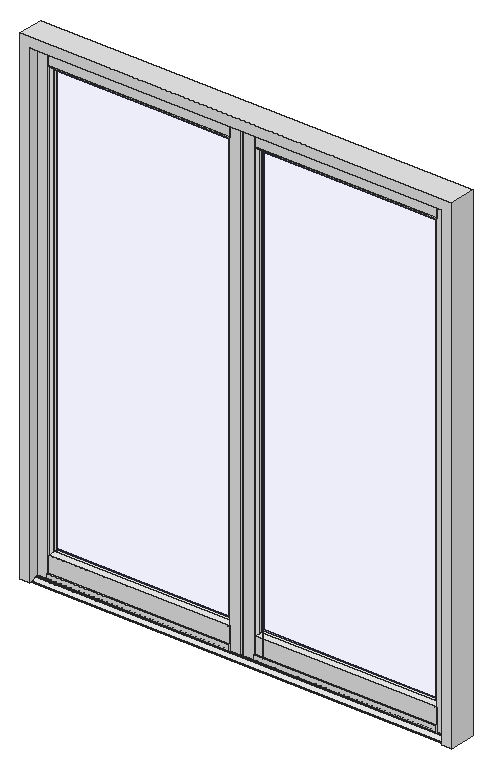
Revit family "kawneer-190-pr-ctr-01_16342", category Doors, host Wall, Revit 2015
Parameters (values of type "(2)3' x 7' B.R. 3 7/8"")
  URL = "http://www.kawneer.com/kawneer/north_america/en/product.asp?cat_id=1339&prod_id=1816"
  Type Comments = "CENTER HUNG"
  Thickness = 0' - 1 3/4"
  Rough Width = Width + 0' 4"  # 3' - 4"
  Rough Height = Height + 0' 2"  # 7' - 2"
  Product data url = "https://bimobject.com/kawneerna/product/16342"
  Operation = ""
  Opening Width = Width * 2  # 6' - 0"
  Model = "Pair 190 Narrow Stile Door Center Set B.R. 3 7/8\""
  Manufacturer = "Kawneer"
  Height = 7' - 0"
  Wall Closure = By host
  Width = 3' - 0"
  Function = Interior
  Door Panel = Kawneer - Fluropon_Bone White-391X035
  Door Glazing = Glass
  Door Frame = Kawneer - Fluropon_Bone White-391X035
  Description = "The 190 Narrow Stile Entrance is enginResults in a slim look that meets virtually all construction requirements\r\neered for moderate traffic in applications such as stores, offices and apartment buildings. Vertical stile measures 2-1/8\" (54); top rail 2-1/4\" (57.2) and bottom rail 3-7/8\" (98.4).  "
  Bottom Rail Height = 0' - 3 7/8"
  Assembly Code = "B2030110"
Types (2): name | Model | Bottom Rail Height
  (2)3' x 7' B.R. 3 7/8" | "Pair 190 Narrow Stile Door Center Set B.R. 3 7/8\"" | 0' - 3 7/8"
  (2)3' x 7' B.R. 7 1/2" | "Pair 190 Narrow Stile Door Center Set B.R. 7 1/2\"" | 0' - 7 1/2"
Reference planes (in)
  plane 1: y = 0
  plane 2 "Center": x = 0
  plane 3 "Left": x = -36
  plane 4 "Right": x = 36
  plane 5 "Top": z = 84
  plane 6 "Glass center": y = 0.125
  plane 7: z = 4.5625
  plane 8: z = 0.6875
  plane 9: z = 84
  plane 10: x = -36.25
  plane 11: x = 34.125
  plane 12: x = -34.125
Forms (in)
  Sweep 1, solid, material "Kawneer - Fluropon_Bone White-391X035" <- "Door Frame"
    path origin (-60, 3, 0) x (-1, 0, 0) y (0, 0, 1)
      loop
        line (-96, 0) -> (-96, 84) -> (-24, 84) -> (-24, 0)
    profile origin (0, 0, 42) x (1, 0, 0) y (0, 1, 0)
      loop
        line (38, 2.25) -> (36.25, 2.25) -> (36.25, -2.25) -> (38, -2.25) -> (38, 2.25)
  Extrusion 2, solid, material "Glass" <- "Door Glazing"
    sketch origin (0, 0.125, 0) x (1, 0, 0) y (0, 0, 1)
      loop
        line (33.9375, 4.75) -> (33.9375, 81.4375) -> (2.38178, 81.4375) -> (2.38178, 4.75) -> (33.9375, 4.75)
    from 0 to 0.25
  Extrusion 3, solid, material "Kawneer - Fluropon_Bone White-391X035" <- "Door Panel"
    sketch origin (0, -1.625, 0.15278) x (0, 1, 0) y (0, 0, 1)
      loop
        line (2.5, 0.53472) -> (2.5, 4.40972) -> (2.43512, 4.40972) -> (2.0085, 4.94203) -> (1.94736, 4.94203)
        arc (1.94736, 4.94203) -> (1.82437, 5.0178) -> (1.75, 5.14163) r 0.30526
        line (1.75, 5.14163) -> (1.75, 4.59722) -> (1.5, 4.59722) -> (1.5, 5.14163)
        arc (1.5, 5.14163) -> (1.42562, 5.0178) -> (1.30264, 4.94203) r 0.30526
        line (1.30264, 4.94203) -> (1.2675, 4.94203) -> (0.82596, 4.40972) -> (0.75, 4.40972) -> (0.75, 1.5921) -> (0.51155, 1.52781) -> (0.51155, 0.64322) -> (0.59155, 0.64322) -> (0.71055, 0.41022)
        arc (0.71055, 0.41022) -> (0.74752, 0.3939) -> (0.76384, 0.43087) r 0.02858
        line (0.76384, 0.43087) -> (0.68155, 0.64322) -> (0.75, 0.64322) -> (0.75, 0.53472) -> (0.888, 0.53472) -> (0.888, 1.25347) -> (2.388, 1.25347) -> (2.388, 0.53472) -> (2.5, 0.53472)
      loop
        line (0.901, 1.37847) -> (2.375, 1.37847) -> (2.375, 3.91072)
        arc (2.375, 3.91072) -> (2.25594, 3.92859) -> (2.201, 4.03572) r 0.1319
        line (2.201, 4.03572) -> (2.201, 4.22222) -> (1.075, 4.22222) -> (1.075, 4.03572)
        arc (1.075, 4.03572) -> (1.02006, 3.92859) -> (0.901, 3.91072) r 0.1319
        line (0.901, 3.91072) -> (0.901, 1.37847)
    from 2.19428 to 34.125
  Extrusion 4, solid, material "Kawneer - Fluropon_Bone White-391X035" <- "Door Frame", detail levels medium+fine
    sketch origin (0, -1.625, 0) x (0, 1, 0) y (0, 0, 1)
      loop
        line (2.40824, 0.342) -> (2.82032, 0.342) -> (3.31016, 0.1166)
        arc (3.31016, 0.1166) -> (3.33645, 0.09372) -> (3.34624, 0.06027) r 0.062
        line (3.34624, 0.06027) -> (3.34624, 0) -> (3.62824, 0) -> (3.62824, 0.10205)
        arc (3.62824, 0.10205) -> (3.62318, 0.11931) -> (3.60962, 0.13112) r 0.032
        line (3.60962, 0.13112) -> (2.80798, 0.5) -> (2.67111, 0.5)
        arc (2.67111, 0.5) -> (2.63911, 0.468) -> (2.60711, 0.5) r 0.032
        line (2.60711, 0.5) -> (2.45311, 0.5)
        arc (2.45311, 0.5) -> (2.42111, 0.468) -> (2.38911, 0.5) r 0.032
        line (2.38911, 0.5) -> (2.25324, 0.5) -> (2.25324, 0.45) -> (1.00324, 0.45) -> (1.00324, 0.5) -> (0.86737, 0.5)
        arc (0.86737, 0.5) -> (0.83537, 0.468) -> (0.80337, 0.5) r 0.032
        line (0.80337, 0.5) -> (0.64937, 0.5)
        arc (0.64937, 0.5) -> (0.61737, 0.468) -> (0.58537, 0.5) r 0.032
        line (0.58537, 0.5) -> (0.4485, 0.5) -> (-0.35314, 0.13112)
        arc (-0.35314, 0.13112) -> (-0.36671, 0.11931) -> (-0.37176, 0.10205) r 0.032
        line (-0.37176, 0.10205) -> (-0.37176, 0) -> (-0.08976, 0) -> (-0.08976, 0.06027)
        arc (-0.08976, 0.06027) -> (-0.07997, 0.09372) -> (-0.05368, 0.1166) r 0.062
        line (-0.05368, 0.1166) -> (0.43616, 0.342) -> (0.84724, 0.342) -> (0.84724, 0.28492) -> (2.40824, 0.28492) -> (2.40824, 0.342)
    from -36.25 to 36.25
  Extrusion 5, solid, material "Kawneer - Fluropon_Bone White-391X035" <- "Door Panel"
    sketch origin (0, 0, 0) x (1, 0, 0) y (0, 1, 0)
      loop
        arc (0.22766, 0.875) -> (0.12658, 0.56805) -> (0.06928, 0.25) r 2.3125
        line (0.06928, 0.25) -> (0.25578, 0.25)
        arc (0.25578, 0.25) -> (0.31928, 0.312) -> (0.38178, 0.249) r 0.063
        line (0.38178, 0.249) -> (0.38178, -0.249)
        arc (0.38178, -0.249) -> (0.31928, -0.312) -> (0.25578, -0.25) r 0.063
        line (0.25578, -0.25) -> (0.06928, -0.25)
        arc (0.06928, -0.25) -> (0.12658, -0.56805) -> (0.22765, -0.875) r 2.3125
        line (0.22765, -0.875) -> (2.19428, -0.875) -> (2.19428, -0.81012) -> (2.72428, -0.3705) -> (2.72428, -0.30936)
        arc (2.72428, -0.30936) -> (2.78739, -0.19967) -> (2.88956, -0.125) r 0.30526
        line (2.88956, -0.125) -> (2.38178, -0.125) -> (2.38178, 0.125) -> (2.88956, 0.125)
        arc (2.88956, 0.125) -> (2.78739, 0.19967) -> (2.72428, 0.30936) r 0.30526
        line (2.72428, 0.30936) -> (2.72428, 0.3705) -> (2.19428, 0.81012) -> (2.19428, 0.875) -> (0.22766, 0.875)
    from 0.6875 to 84
  Extrusion 6, solid, material "Glass" <- "Door Glazing"
    sketch origin (0, 0.125, 0) x (-1, 0, 0) y (0, 0, -1)
      loop
        line (33.9375, -4.75) -> (2.38178, -4.75) -> (2.38178, -81.4375) -> (33.9375, -81.4375) -> (33.9375, -4.75)
    from 0 to 0.25
  Extrusion 7, solid, material "Kawneer - Fluropon_Bone White-391X035" <- "Door Panel"
    sketch origin (0, -1.625, 0.15278) x (0, 1, 0) y (0, 0, -1)
      loop
        line (2.5, -0.53472) -> (2.388, -0.53472) -> (2.388, -1.25347) -> (0.888, -1.25347) -> (0.888, -0.53472) -> (0.75, -0.53472) -> (0.75, -0.64322) -> (0.68155, -0.64322) -> (0.76384, -0.43087)
        arc (0.76384, -0.43087) -> (0.74752, -0.3939) -> (0.71055, -0.41022) r 0.02858
        line (0.71055, -0.41022) -> (0.59155, -0.64322) -> (0.51155, -0.64322) -> (0.51155, -1.52781) -> (0.75, -1.5921) -> (0.75, -4.40972) -> (0.82596, -4.40972) -> (1.2675, -4.94203) -> (1.30264, -4.94203)
        arc (1.30264, -4.94203) -> (1.42562, -5.0178) -> (1.5, -5.14163) r 0.30526
        line (1.5, -5.14163) -> (1.5, -4.59722) -> (1.75, -4.59722) -> (1.75, -5.14163)
        arc (1.75, -5.14163) -> (1.82437, -5.0178) -> (1.94736, -4.94203) r 0.30526
        line (1.94736, -4.94203) -> (2.0085, -4.94203) -> (2.43512, -4.40972) -> (2.5, -4.40972) -> (2.5, -0.53472)
      loop
        line (0.901, -1.37847) -> (0.901, -3.91072)
        arc (0.901, -3.91072) -> (1.02006, -3.92859) -> (1.075, -4.03572) r 0.1319
        line (1.075, -4.03572) -> (1.075, -4.22222) -> (2.201, -4.22222) -> (2.201, -4.03572)
        arc (2.201, -4.03572) -> (2.25594, -3.92859) -> (2.375, -3.91072) r 0.1319
        line (2.375, -3.91072) -> (2.375, -1.37847) -> (0.901, -1.37847)
    from 2.19428 to 34.125
  Extrusion 8, solid, material "Kawneer - Fluropon_Bone White-391X035" <- "Door Panel"
    sketch origin (0, 0, 0) x (-1, 0, 0) y (0, -1, 0)
      loop
        line (0.22766, -0.875) -> (2.19428, -0.875) -> (2.19428, -0.81012) -> (2.72428, -0.3705) -> (2.72428, -0.30936)
        arc (2.72428, -0.30936) -> (2.78739, -0.19967) -> (2.88956, -0.125) r 0.30526
        line (2.88956, -0.125) -> (2.38178, -0.125) -> (2.38178, 0.125) -> (2.88956, 0.125)
        arc (2.88956, 0.125) -> (2.78739, 0.19967) -> (2.72428, 0.30936) r 0.30526
        line (2.72428, 0.30936) -> (2.72428, 0.3705) -> (2.19428, 0.81012) -> (2.19428, 0.875) -> (0.22765, 0.875)
        arc (0.22765, 0.875) -> (0.12658, 0.56805) -> (0.06928, 0.25) r 2.3125
        line (0.06928, 0.25) -> (0.25578, 0.25)
        arc (0.25578, 0.25) -> (0.31928, 0.312) -> (0.38178, 0.249) r 0.063
        line (0.38178, 0.249) -> (0.38178, -0.249)
        arc (0.38178, -0.249) -> (0.31928, -0.312) -> (0.25578, -0.25) r 0.063
        line (0.25578, -0.25) -> (0.06928, -0.25)
        arc (0.06928, -0.25) -> (0.12658, -0.56805) -> (0.22766, -0.875) r 2.3125
    from 0.6875 to 84
  Extrusion 9, solid, material "Kawneer - Fluropon_Bone White-391X035" <- "Door Panel"
    sketch origin (0, -0.125, 23.875) x (0, 1, 0) y (0, 0, 1)
      loop
        line (-0.75, 60.125) -> (-0.75, 57.625) -> (-0.68484, 57.625) -> (-0.24521, 57.095) -> (-0.15138, 57.095) -> (0, 56.96232) -> (0, 57.4375) -> (0.24999, 57.4375) -> (0.24999, 56.94982) -> (0.40117, 57.095) -> (0.49715, 57.095) -> (0.93677, 57.625) -> (1, 57.625) -> (1, 60.125) -> (0.93512, 60.125) -> (0.93512, 59.25) -> (-0.68512, 59.25) -> (-0.68512, 60.125) -> (-0.75, 60.125)
    from 2.19428 to 34.125
  Extrusion 10, solid, material "Kawneer - Fluropon_Bone White-391X035" <- "Door Panel"
    sketch origin (0, -0.125, 23.875) x (0, 1, 0) y (0, 0, -1)
      loop
        line (-0.75, -60.125) -> (-0.68512, -60.125) -> (-0.68512, -59.25) -> (0.93512, -59.25) -> (0.93512, -60.125) -> (1, -60.125) -> (1, -57.625) -> (0.93677, -57.625) -> (0.49715, -57.095) -> (0.40117, -57.095) -> (0.24999, -56.94982) -> (0.24999, -57.4375) -> (0, -57.4375) -> (0, -56.96232) -> (-0.15138, -57.095) -> (-0.24521, -57.095) -> (-0.68484, -57.625) -> (-0.75, -57.625) -> (-0.75, -60.125)
    from 2.19428 to 34.125
  Extrusion 11, solid, material "Kawneer - Fluropon_Bone White-391X035" <- "Door Panel"
    sketch origin (-36.22553, 0, 0) x (1, 0, 0) y (0, 1, 0)
      loop
        arc (0.22766, 0.875) -> (0.12658, 0.56805) -> (0.06928, 0.25) r 2.3125
        line (0.06928, 0.25) -> (0.25578, 0.25)
        arc (0.25578, 0.25) -> (0.31928, 0.312) -> (0.38178, 0.249) r 0.063
        line (0.38178, 0.249) -> (0.38178, -0.249)
        arc (0.38178, -0.249) -> (0.31928, -0.312) -> (0.25578, -0.25) r 0.063
        line (0.25578, -0.25) -> (0.06928, -0.25)
        arc (0.06928, -0.25) -> (0.12658, -0.56805) -> (0.22765, -0.875) r 2.3125
        line (0.22765, -0.875) -> (2.10053, -0.875) -> (2.10053, -0.81012) -> (2.63053, -0.3705) -> (2.63053, -0.30936)
        arc (2.63053, -0.30936) -> (2.69364, -0.19967) -> (2.79581, -0.125) r 0.30526
        line (2.79581, -0.125) -> (2.28803, -0.125) -> (2.28803, 0.125) -> (2.79581, 0.125)
        arc (2.79581, 0.125) -> (2.69364, 0.19967) -> (2.63053, 0.30936) r 0.30526
        line (2.63053, 0.30936) -> (2.63053, 0.3705) -> (2.10053, 0.81012) -> (2.10053, 0.875) -> (0.22766, 0.875)
    from 0.6875 to 84
  Extrusion 12, solid, material "Kawneer - Fluropon_Bone White-391X035" <- "Door Panel"
    sketch origin (48.22553, 0, 0) x (-1, 0, 0) y (0, -1, 0)
      loop
        line (12.22766, -0.875) -> (14.10053, -0.875) -> (14.10053, -0.81012) -> (14.63053, -0.3705) -> (14.63053, -0.30936)
        arc (14.63053, -0.30936) -> (14.69364, -0.19967) -> (14.79581, -0.125) r 0.30526
        line (14.79581, -0.125) -> (14.28803, -0.125) -> (14.28803, 0.125) -> (14.79581, 0.125)
        arc (14.79581, 0.125) -> (14.69364, 0.19967) -> (14.63053, 0.30936) r 0.30526
        line (14.63053, 0.30936) -> (14.63053, 0.3705) -> (14.10053, 0.81012) -> (14.10053, 0.875) -> (12.22765, 0.875)
        arc (12.22765, 0.875) -> (12.12658, 0.56805) -> (12.06928, 0.25) r 2.3125
        line (12.06928, 0.25) -> (12.25578, 0.25)
        arc (12.25578, 0.25) -> (12.31928, 0.312) -> (12.38178, 0.249) r 0.063
        line (12.38178, 0.249) -> (12.38178, -0.249)
        arc (12.38178, -0.249) -> (12.31928, -0.312) -> (12.25578, -0.25) r 0.063
        line (12.25578, -0.25) -> (12.06928, -0.25)
        arc (12.06928, -0.25) -> (12.12658, -0.56805) -> (12.22766, -0.875) r 2.3125
    from 0.6875 to 84
Lines and regions (in)
  Opening 1
    outline origin (-90, -3, 0) x (1, 0, 0) y (0, 0, 1)
      loop
        line (52, 0) -> (128, 0) -> (128, 86) -> (52, 86) -> (52, 0)
  symbolic lines, style "Elevation Swing"
    curve 1: line (-0.38178, 3, 0.6875) -> (-36, 3, 42)
    curve 2: line (-36, 3, 42) -> (-0.22766, 3, 84.125)
    curve 10: line (0.38178, 3, 0.6875) -> (36, 3, 42)
    curve 11: line (36, 3, 42) -> (0.22766, 3, 84.125)
  symbolic lines
    curve 3: line (-36, 1, 0) -> (-34.25, 1, 0)
    curve 4: line (-36, 38.25, 0) -> (-36, 1, 0)
    curve 5: line (-34.25, 38.25, 0) -> (-36, 38.25, 0)
    curve 6: line (-34.25, 1, 0) -> (-34.25, 38.25, 0)
    curve 7: arc (-36, 38.25, 0) -> (-10.54416, 27.70584, 0) -> (0, 2.25, 0) r 36
    curve 12: line (36, 1, 0) -> (34.25, 1, 0)
    curve 13: line (36, 38.25, 0) -> (36, 1, 0)
    curve 14: line (34.25, 38.25, 0) -> (36, 38.25, 0)
    curve 15: line (34.25, 1, 0) -> (34.25, 38.25, 0)
    curve 16: arc (36, 38.25, 0) -> (10.54416, 27.70584, 0) -> (0, 2.25, 0) r 36
  model lines
    curve 8: line (0.06928, -1.19557, 0) -> (-0.06928, -1.19557, 0)
    curve 9: line (-0.06928, -1.19557, 0) -> (0.06928, -1.19557, 0)
Text (in)
  text "Exterior" at (-58.67754, 27.31104, 0), in view "Floor Line"
  text "Interior" at (-58.34764, -25.14366, 0), in view "Floor Line"
  text "Exterior" at (0, 40.15149, 123.01588), in view "Right"
  text "Interior" at (0, -64.39139, 123.01588), in view "Right"
  text "Interior" at (0, -31.01599, 123.00693), in view "Left"
  text "Exterior" at (0, 54.57065, 123.00693), in view "Left"
Dimensions and locks (in)
  equal spacing: plane 3 "Left", plane 2 "Center", plane 4 "Right"
  "Height": level to plane 5 "Top"
  "Opening Width": plane 3 "Left" to plane 4 "Right"
  equal spacing: host wall, curve 2, plane 5 "Top"
  locked: plane 4 "Right" to Opening 1 sketch curve at 2
  locked: Opening 1 sketch curve to plane 3 "Left" at 2
  locked: plane 5 "Top" to Opening 1 sketch curve at 2
  locked: Sweep 1 sketch curve to Sweep 1 sketch curve at 4.5
  locked: profile plane to Sweep 1 sketch curve at 2
  "Width": curve 5 to Sweep 1
  "Thickness": plane 3 "Left" to curve 6
  locked: Sweep 1 to Sweep 1 at 1.75  (x2)
  locked: plane 8 to level at 0.6875
  "Bottom Rail Height": plane 7 to plane 8
  equal spacing: Sweep 1 sketch curve, host wall, Sweep 1 sketch curve
  locked: Extrusion 9 sketch curve to Extrusion 9 sketch curve at 1.75
  Extrusion 9 sketch curve to Extrusion 9 sketch curve to Extrusion 9 sketch curve = 0' - 2 1/2" locked, 0' - 0.66269" locked
  locked: Extrusion 10 sketch curve to Extrusion 10 sketch curve at 1.75
  Extrusion 10 sketch curve to Extrusion 10 sketch curve to Extrusion 10 sketch curve = 0' - 0.66269" locked, 0' - 2 1/2" locked
  plane 9 to Sweep 1 = 0' - 0 1/4"
  locked: Extrusion 12 sketch curve to plane 4 "Right" at 1.875
  locked: plane 12 to Extrusion 11 at 0.1875
  locked: plane 3 "Left" to plane 12 at 1.875
  locked: plane 11 to plane 4 "Right" at 1.875
  aligned and locked: Opening 1 sketch curve to level
  aligned and locked: plane 3 "Left" to curve 1
  aligned and locked: plane 4 "Right" to Sweep 1 sketch curve
  aligned and locked: Sweep 1 sketch curve to plane 3 "Left"
  aligned and locked: plane 5 "Top" to Sweep 1 sketch curve
  aligned and locked: plane 7 to Extrusion 3 sketch curve  (x2)
  aligned and locked: Extrusion 2 to Extrusion 3
  aligned and locked: plane 8 to Extrusion 3
  aligned and locked: Extrusion 4 to Sweep 1  (x2)
  aligned and locked: Extrusion 2 to Extrusion 5
  aligned and locked: Extrusion 5 to plane 8
  aligned and locked: Extrusion 3 to Extrusion 5
  aligned and locked: Extrusion 7 to Extrusion 6
  aligned and locked: Extrusion 8 to Extrusion 6
  aligned and locked: Extrusion 8 to Extrusion 7
  aligned and locked: curve 2 to Extrusion 8
  aligned and locked: Extrusion 8 to curve 1
  aligned and locked: Extrusion 9 sketch curve to Extrusion 9 sketch curve  (x2)
  aligned and locked: Extrusion 5 to plane 9
  aligned and locked: Extrusion 8 to plane 9
  aligned and locked: Extrusion 9 to plane 9
  aligned and locked: Extrusion 10 sketch curve to Extrusion 10 sketch curve  (x2)
  aligned and locked: Extrusion 10 to plane 9
  aligned and locked: plane 9 to plane 5 "Top"
  aligned and locked: Extrusion 3 to Extrusion 12
  aligned and locked: Extrusion 9 to Extrusion 12
  aligned and locked: Extrusion 2 to Extrusion 12
  aligned and locked: plane 11 to Extrusion 12
  aligned and locked: plane 12 to Extrusion 11
  aligned and locked: Extrusion 7 to plane 12
  aligned and locked: Extrusion 12 to plane 9
  aligned and locked: Extrusion 11 to plane 9
  aligned and locked: Extrusion 10 to Extrusion 11
Automatic sketch dimensions
  curve 3 to plane 3 "Left" = 0' - 0"
  curve 7 to plane 2 "Center" = 0' - 0"
  curve 3 to plane 6 "Glass center" = 0' - 0 7/8"
  curve 1 to plane 8 = 0' - 0"
  curve 2 to plane 5 "Top" = 0' - 0 1/8"
  Sweep 1 sketch curve to level = 0' - 0"  (x2)
  Sweep 1 sketch curve to profile plane = 0' - 0 1/4"
  plane 7 to Extrusion 2 sketch curve = 0' - 0 3/16"
  plane 2 "Center" to Extrusion 2 sketch curve = 0' - 2.38178"
  plane 4 "Right" to Extrusion 2 sketch curve = 0' - 2 1/16"
  plane 5 "Top" to Extrusion 2 sketch curve = 0' - 2 9/16"
  Extrusion 3 sketch curve to plane 8 = 0' - 0"  (x2)
  Extrusion 3 sketch curve to plane 6 "Glass center" = 0' - 0"
  host wall to Extrusion 3 sketch curve = 0' - 0 1/8"
  Extrusion 3 sketch curve to Extrusion 3 sketch curve = 0' - 0.19736"
  Extrusion 3 sketch curve to Extrusion 3 sketch curve = 0' - 0 9/256"
  Extrusion 3 sketch curve to Extrusion 3 sketch curve = 0' - 0.05894"
  host wall to Extrusion 3 sketch curve = 0' - 0.55"
  Extrusion 3 sketch curve to Extrusion 3 sketch curve = 0' - 0.1319"  (x2)
  Extrusion 3 sketch curve to Extrusion 3 sketch curve = 0' - 0.0421"  (x2)
  Extrusion 3 sketch curve to Extrusion 3 sketch curve = 0' - 0.013"
  Extrusion 3 sketch curve to Extrusion 3 sketch curve = 0' - 0.24904"
  Extrusion 3 sketch curve to plane 8 = 0' - 0.10384"
  Extrusion 3 sketch curve to Extrusion 3 sketch curve = 0' - 0.12416"
  Extrusion 3 sketch curve to Extrusion 3 sketch curve = 0' - 0.01384"
  Extrusion 3 sketch curve to Extrusion 3 sketch curve = 0' - 0.07596"
  Extrusion 3 sketch curve to Extrusion 3 sketch curve = 0' - 0.02665"  (x2)
  Extrusion 3 sketch curve to plane 8 = 0' - 0.1245"
  Extrusion 3 sketch curve to Extrusion 3 sketch curve = 0' - 0.06845"
  plane 8 to Extrusion 3 sketch curve = 0' - 0.1085"
  Extrusion 3 sketch curve to Extrusion 3 sketch curve = 0' - 0.09"
  Extrusion 3 sketch curve to Extrusion 3 sketch curve = 0' - 0.23845"
  Extrusion 3 sketch curve to plane 6 "Glass center" = 0' - 0.19736"
  Extrusion 3 sketch curve to Extrusion 3 sketch curve = 0' - 0.06114"
  Extrusion 3 sketch curve to plane 6 "Glass center" = 0' - 0.29144"
  Extrusion 3 sketch curve to plane 6 "Glass center" = 0' - 0.451"
  Extrusion 3 sketch curve to plane 6 "Glass center" = 0' - 0.638"
  Extrusion 3 sketch curve to Extrusion 3 sketch curve = 0' - 0.23412"
  Extrusion 3 sketch curve to Extrusion 3 sketch curve = 0' - 0.06488"
  Extrusion 3 sketch curve to Extrusion 3 sketch curve = 0' - 0"  (x2)
  plane 8 to Extrusion 3 sketch curve = 0' - 0 23/32"
  Extrusion 3 sketch curve to Extrusion 3 sketch curve = 0' - 0 1/8"
  Extrusion 3 sketch curve to Extrusion 3 sketch curve = 0' - 0.14935"
  Extrusion 3 sketch curve to Extrusion 3 sketch curve = 0' - 0.06429"
  Extrusion 3 sketch curve to plane 7 = 0' - 0.499"  (x2)
  Extrusion 3 sketch curve to Extrusion 3 sketch curve = 0' - 0.1865"
  plane 7 to Extrusion 3 sketch curve = 0' - 0 3/16"
  Extrusion 3 sketch curve to Extrusion 3 sketch curve = 0' - 0.34482"  (x2)
  Extrusion 3 sketch curve to Extrusion 3 sketch curve = 0' - 0.1996"
  Extrusion 4 sketch curve to level = 0' - 0"  (x2)
  level to Extrusion 4 sketch curve = 0' - 0.10205"  (x2)
  Extrusion 4 sketch curve to host wall = 0' - 1.00324"
  level to Extrusion 4 sketch curve = 0' - 0.13112"
  Extrusion 4 sketch curve to Extrusion 4 sketch curve = 0' - 0.01862"
  level to Extrusion 4 sketch curve = 0' - 0.06027"  (x2)
  Extrusion 4 sketch curve to Extrusion 4 sketch curve = 0' - 0 1/4"  (x2)
  level to Extrusion 4 sketch curve = 0' - 0.1166"
  Extrusion 4 sketch curve to Extrusion 4 sketch curve = 0' - 0.03608"
  level to Extrusion 4 sketch curve = 0' - 0.342"  (x2)
  Extrusion 4 sketch curve to Extrusion 4 sketch curve = 0' - 0.48984"
  Extrusion 4 sketch curve to plane 8 = 0' - 0 3/16"
  Extrusion 4 sketch curve to Extrusion 4 sketch curve = 0' - 0.01233"  (x2)
  Extrusion 4 sketch curve to Extrusion 4 sketch curve = 0' - 0.13687"  (x2)
  Extrusion 4 sketch curve to Extrusion 4 sketch curve = 0' - 0.032"  (x5)
  Extrusion 4 sketch curve to Extrusion 4 sketch curve = 0' - 0.154"  (x2)
  Extrusion 4 sketch curve to Extrusion 4 sketch curve = 0' - 0.01187"
  Extrusion 4 sketch curve to Extrusion 4 sketch curve = 0' - 0.13587"  (x2)
  Extrusion 4 sketch curve to plane 8 = 0' - 0.2375"
  Extrusion 4 sketch curve to plane 6 "Glass center" = 0' - 0.50324"
  Extrusion 4 sketch curve to Extrusion 4 sketch curve = 0' - 0.01913"
  Extrusion 4 sketch curve to Extrusion 4 sketch curve = 0' - 0.46392"
  Extrusion 4 sketch curve to Extrusion 4 sketch curve = 0' - 0.02592"
  Extrusion 4 sketch curve to Extrusion 4 sketch curve = 0' - 0.062"
  Extrusion 4 sketch curve to Extrusion 4 sketch curve = 0' - 0.01338"
  Extrusion 4 sketch curve to Extrusion 4 sketch curve = 0' - 0.05708"
  Extrusion 4 sketch curve to Extrusion 4 sketch curve = 0' - 0.05"
  curve 16 to plane 2 "Center" = 0' - 0"
  curve 12 to plane 4 "Right" = 0' - 0"
  curve 9 to plane 2 "Center" = 0' - 0.06928"
  curve 8 to curve 9 = 0' - 0"  (x2)
  plane 2 "Center" to curve 9 = 0' - 0.06928"
  plane 4 "Right" to curve 12 = 0' - 1 3/4"
  host wall to curve 8 = 0' - 1.19557"
  curve 9 to curve 8 = 0' - 0"
  curve 12 to plane 6 "Glass center" = 0' - 0 7/8"
  curve 16 to host wall = 0' - 0 3/4"
  Extrusion 5 sketch curve to Extrusion 5 sketch curve = 0' - 0"  (x3)
  Extrusion 5 sketch curve to host wall = 0' - 0"
  Extrusion 5 sketch curve to plane 6 "Glass center" = 0' - 0"
  plane 2 "Center" to Extrusion 5 sketch curve = 0' - 0.06928"  (x2)
  plane 2 "Center" to Extrusion 5 sketch curve = 0' - 0.22765"
  plane 2 "Center" to Extrusion 5 sketch curve = 0' - 0.22766"
  Extrusion 5 sketch curve to Extrusion 5 sketch curve = 0' - 0.18651"  (x2)
  Extrusion 5 sketch curve to Extrusion 5 sketch curve = 0' - 0.06299"  (x2)
  Extrusion 5 sketch curve to Extrusion 5 sketch curve = 0' - 0.063"
  Extrusion 5 sketch curve to plane 6 "Glass center" = 0' - 0.68512"
  Extrusion 5 sketch curve to Extrusion 5 sketch curve = 0' - 1 13/16"
  host wall to Extrusion 5 sketch curve = 0' - 0.81012"
  Extrusion 5 sketch curve to Extrusion 5 sketch curve = 0' - 0.17395"
  Extrusion 5 sketch curve to Extrusion 5 sketch curve = 0' - 0.01355"
  Extrusion 5 sketch curve to Extrusion 5 sketch curve = 0' - 0.3425"  (x2)
  Extrusion 5 sketch curve to plane 6 "Glass center" = 0' - 0.18436"
  Extrusion 5 sketch curve to Extrusion 5 sketch curve = 0' - 0.16528"  (x2)
  host wall to Extrusion 5 sketch curve = 0' - 0 1/8"
  Extrusion 5 sketch curve to Extrusion 5 sketch curve = 0' - 0.2904"
  Extrusion 5 sketch curve to plane 6 "Glass center" = 0' - 0.27844"
  host wall to Extrusion 5 sketch curve = 0' - 0 7/8"
  Extrusion 5 sketch curve to Extrusion 5 sketch curve = 0' - 0.27844"
  Extrusion 5 sketch curve to Extrusion 5 sketch curve = 0' - 0.06114"  (x2)
  Extrusion 5 sketch curve to plane 6 "Glass center" = 0' - 0.124"
  Extrusion 6 sketch curve to plane 7 = 0' - 0 3/16"
  plane 2 "Center" to Extrusion 6 sketch curve = 0' - 2.38178"
  Extrusion 6 sketch curve to plane 5 "Top" = 0' - 2 9/16"
  Extrusion 7 sketch curve to plane 7 = 0' - 0"  (x2)
  Extrusion 7 sketch curve to plane 8 = 0' - 0"  (x2)
  Extrusion 7 sketch curve to plane 6 "Glass center" = 0' - 0"
  host wall to Extrusion 7 sketch curve = 0' - 0 1/8"
  Extrusion 7 sketch curve to Extrusion 7 sketch curve = 0' - 0.19736"
  Extrusion 7 sketch curve to Extrusion 7 sketch curve = 0' - 0 9/256"
  Extrusion 7 sketch curve to Extrusion 7 sketch curve = 0' - 0.05894"
  host wall to Extrusion 7 sketch curve = 0' - 0.55"
  Extrusion 7 sketch curve to Extrusion 7 sketch curve = 0' - 0.1319"  (x2)
  Extrusion 7 sketch curve to Extrusion 7 sketch curve = 0' - 0.0421"  (x2)
  Extrusion 7 sketch curve to Extrusion 7 sketch curve = 0' - 0.013"
  Extrusion 7 sketch curve to Extrusion 7 sketch curve = 0' - 0.24904"
  Extrusion 7 sketch curve to plane 8 = 0' - 0.10384"
  Extrusion 7 sketch curve to Extrusion 7 sketch curve = 0' - 0.12416"
  Extrusion 7 sketch curve to Extrusion 7 sketch curve = 0' - 0.01384"
  Extrusion 7 sketch curve to Extrusion 7 sketch curve = 0' - 0.07596"
  Extrusion 7 sketch curve to Extrusion 7 sketch curve = 0' - 0.02665"  (x2)
  Extrusion 7 sketch curve to plane 8 = 0' - 0.1245"
  Extrusion 7 sketch curve to Extrusion 7 sketch curve = 0' - 0.06845"
  plane 8 to Extrusion 7 sketch curve = 0' - 0.1085"  (x2)
  Extrusion 7 sketch curve to Extrusion 7 sketch curve = 0' - 0.09"
  Extrusion 7 sketch curve to Extrusion 7 sketch curve = 0' - 0.23845"
  Extrusion 7 sketch curve to plane 6 "Glass center" = 0' - 0.19736"
  Extrusion 7 sketch curve to Extrusion 7 sketch curve = 0' - 0.06114"
  Extrusion 7 sketch curve to plane 6 "Glass center" = 0' - 0.29144"
  Extrusion 7 sketch curve to plane 6 "Glass center" = 0' - 0.451"
  Extrusion 7 sketch curve to plane 6 "Glass center" = 0' - 0.638"
  Extrusion 7 sketch curve to Extrusion 7 sketch curve = 0' - 0.23412"
  Extrusion 7 sketch curve to Extrusion 7 sketch curve = 0' - 0.06488"
  plane 7 to Extrusion 7 sketch curve = 0' - 0 3/16"
  Extrusion 7 sketch curve to Extrusion 7 sketch curve = 0' - 0.34482"  (x2)
  Extrusion 7 sketch curve to Extrusion 7 sketch curve = 0' - 0.1996"
  Extrusion 7 sketch curve to Extrusion 7 sketch curve = 0' - 0"
  Extrusion 7 sketch curve to plane 7 = 0' - 0 3/16"
  Extrusion 7 sketch curve to Extrusion 7 sketch curve = 0' - 0.1865"  (x2)
  Extrusion 7 sketch curve to Extrusion 7 sketch curve = 0' - 0.94889"
  Extrusion 7 sketch curve to Extrusion 7 sketch curve = 0' - 0.06429"
  plane 8 to Extrusion 7 sketch curve = 0' - 0 27/32"
  Extrusion 7 sketch curve to Extrusion 7 sketch curve = 0' - 0 1/8"
  Extrusion 8 sketch curve to Extrusion 8 sketch curve = 0' - 0"  (x3)
  Extrusion 8 sketch curve to host wall = 0' - 0"
  Extrusion 8 sketch curve to plane 6 "Glass center" = 0' - 0"
  plane 2 "Center" to Extrusion 8 sketch curve = 0' - 0.06928"  (x2)
  plane 2 "Center" to Extrusion 8 sketch curve = 0' - 0.22765"
  plane 2 "Center" to Extrusion 8 sketch curve = 0' - 0.22766"
  Extrusion 8 sketch curve to Extrusion 8 sketch curve = 0' - 0.18651"  (x2)
  Extrusion 8 sketch curve to Extrusion 8 sketch curve = 0' - 0.06299"  (x2)
  Extrusion 8 sketch curve to Extrusion 8 sketch curve = 0' - 0.063"
  plane 6 "Glass center" to Extrusion 8 sketch curve = 0' - 0.68512"
  Extrusion 8 sketch curve to Extrusion 8 sketch curve = 0' - 1 13/16"
  Extrusion 8 sketch curve to host wall = 0' - 0.81012"
  Extrusion 8 sketch curve to Extrusion 8 sketch curve = 0' - 0.17395"
  Extrusion 8 sketch curve to Extrusion 8 sketch curve = 0' - 0.01355"
  Extrusion 8 sketch curve to Extrusion 8 sketch curve = 0' - 0.3425"  (x2)
  plane 6 "Glass center" to Extrusion 8 sketch curve = 0' - 0.18436"
  Extrusion 8 sketch curve to Extrusion 8 sketch curve = 0' - 0.16528"  (x2)
  Extrusion 8 sketch curve to host wall = 0' - 0 1/8"
  Extrusion 8 sketch curve to Extrusion 8 sketch curve = 0' - 0.2904"
  plane 6 "Glass center" to Extrusion 8 sketch curve = 0' - 0.27844"
  Extrusion 8 sketch curve to host wall = 0' - 0 7/8"
  Extrusion 8 sketch curve to Extrusion 8 sketch curve = 0' - 0.27844"
  Extrusion 8 sketch curve to Extrusion 8 sketch curve = 0' - 0.06114"  (x2)
  plane 6 "Glass center" to Extrusion 8 sketch curve = 0' - 0.124"
  curve 10 to plane 4 "Right" = 0' - 0"
  curve 10 to plane 8 = 0' - 0"
  plane 2 "Center" to curve 10 = 0' - 0.38178"
  plane 2 "Center" to curve 11 = 0' - 0.22766"
  plane 7 to curve 11 = 3' - 1 7/16"
  curve 11 to plane 5 "Top" = 0' - 0 1/8"
  Extrusion 9 sketch curve to plane 5 "Top" = 0' - 0"
  Extrusion 9 sketch curve to plane 6 "Glass center" = 0' - 0"
  host wall to Extrusion 9 sketch curve = 0' - 0 1/8"
  Extrusion 9 sketch curve to Extrusion 9 sketch curve = 0' - 0.15138"
  Extrusion 9 sketch curve to Extrusion 9 sketch curve = 0' - 0.09383"
  Extrusion 9 sketch curve to Extrusion 9 sketch curve = 0' - 0.43962"
  host wall to Extrusion 9 sketch curve = 0' - 0.81012"
  Extrusion 9 sketch curve to Extrusion 9 sketch curve = 0' - 0.06488"  (x2)
  Extrusion 9 sketch curve to plane 6 "Glass center" = 0' - 0.15117"
  Extrusion 9 sketch curve to Extrusion 9 sketch curve = 0' - 0.09598"
  Extrusion 9 sketch curve to Extrusion 9 sketch curve = 0' - 0.06323"
  Extrusion 9 sketch curve to Extrusion 9 sketch curve = 0' - 0.0125"
  Extrusion 9 sketch curve to Extrusion 9 sketch curve = 0' - 0.13269"
  Extrusion 9 sketch curve to Extrusion 9 sketch curve = 0' - 0.14518"
  Extrusion 9 sketch curve to Extrusion 9 sketch curve = 0' - 0.3425"
  plane 5 "Top" to Extrusion 9 sketch curve = 0' - 0 7/8"
  Extrusion 10 sketch curve to plane 5 "Top" = 0' - 0"
  Extrusion 10 sketch curve to plane 6 "Glass center" = 0' - 0"
  host wall to Extrusion 10 sketch curve = 0' - 0 1/8"
  Extrusion 10 sketch curve to Extrusion 10 sketch curve = 0' - 0.15138"
  Extrusion 10 sketch curve to Extrusion 10 sketch curve = 0' - 0.09383"
  Extrusion 10 sketch curve to Extrusion 10 sketch curve = 0' - 0.43962"
  host wall to Extrusion 10 sketch curve = 0' - 0.81012"
  Extrusion 10 sketch curve to Extrusion 10 sketch curve = 0' - 0.06488"  (x2)
  Extrusion 10 sketch curve to plane 6 "Glass center" = 0' - 0.15117"
  Extrusion 10 sketch curve to Extrusion 10 sketch curve = 0' - 0.09598"
  Extrusion 10 sketch curve to Extrusion 10 sketch curve = 0' - 0.06323"
  plane 5 "Top" to Extrusion 10 sketch curve = 0' - 0 7/8"
  Extrusion 10 sketch curve to Extrusion 10 sketch curve = 0' - 0.47519"
  Extrusion 10 sketch curve to Extrusion 10 sketch curve = 0' - 0.13269"
  Extrusion 10 sketch curve to Extrusion 10 sketch curve = 0' - 0.3425"
  Extrusion 10 sketch curve to Extrusion 10 sketch curve = 0' - 0.14518"
  Extrusion 11 sketch curve to Extrusion 11 sketch curve = 0' - 0"  (x4)
  Extrusion 11 sketch curve to plane 6 "Glass center" = 0' - 0"
  Extrusion 11 sketch curve to host wall = 0' - 0"
  Extrusion 11 sketch curve to plane 3 "Left" = 0' - 0 5/32"
  Extrusion 11 sketch curve to Extrusion 11 sketch curve = 0' - 0.063"  (x2)
  Extrusion 11 sketch curve to plane 3 "Left" = 0' - 0.03025"  (x2)
  Extrusion 11 sketch curve to plane 3 "Left" = 0' - 0.00213"
  Extrusion 11 sketch curve to plane 3 "Left" = 0' - 0.00212"
  Extrusion 11 sketch curve to Extrusion 11 sketch curve = 0' - 0.08019"
  Extrusion 11 sketch curve to Extrusion 11 sketch curve = 0' - 0.3425"  (x2)
  Extrusion 11 sketch curve to Extrusion 11 sketch curve = 0' - 0.16528"  (x2)
  host wall to Extrusion 11 sketch curve = 0' - 0 1/8"
  Extrusion 11 sketch curve to Extrusion 11 sketch curve = 0' - 0.2904"  (x2)
  host wall to Extrusion 11 sketch curve = 0' - 0.249"
  Extrusion 11 sketch curve to Extrusion 11 sketch curve = 0' - 0.18436"  (x2)
  Extrusion 11 sketch curve to Extrusion 11 sketch curve = 0' - 0.06114"  (x2)
  Extrusion 11 sketch curve to Extrusion 11 sketch curve = 0' - 0.06488"  (x2)
  Extrusion 11 sketch curve to plane 6 "Glass center" = 0' - 0.124"
  Extrusion 12 sketch curve to Extrusion 12 sketch curve = 0' - 0"  (x3)
  Extrusion 12 sketch curve to plane 6 "Glass center" = 0' - 0"
  Extrusion 12 sketch curve to host wall = 0' - 0"
  plane 4 "Right" to Extrusion 12 sketch curve = 0' - 0 5/32"  (x2)
  Extrusion 12 sketch curve to plane 4 "Right" = 0' - 0.00212"
  Extrusion 12 sketch curve to plane 4 "Right" = 0' - 0.00213"
  Extrusion 12 sketch curve to plane 4 "Right" = 0' - 0.03025"  (x2)
  Extrusion 12 sketch curve to Extrusion 12 sketch curve = 0' - 0.06299"  (x2)
  Extrusion 12 sketch curve to Extrusion 12 sketch curve = 0' - 0.063"
  plane 6 "Glass center" to Extrusion 12 sketch curve = 0' - 0.68512"
  Extrusion 12 sketch curve to Extrusion 12 sketch curve = 0' - 0 3/16"
  Extrusion 12 sketch curve to Extrusion 12 sketch curve = 0' - 0.08019"
  Extrusion 12 sketch curve to host wall = 0' - 0.3705"
  Extrusion 12 sketch curve to Extrusion 12 sketch curve = 0' - 0.3425"  (x2)
  plane 6 "Glass center" to Extrusion 12 sketch curve = 0' - 0.2455"
  Extrusion 12 sketch curve to Extrusion 12 sketch curve = 0' - 0.16528"  (x2)
  Extrusion 12 sketch curve to host wall = 0' - 0 1/8"
  Extrusion 12 sketch curve to Extrusion 12 sketch curve = 0' - 0.2904"  (x2)
  Extrusion 12 sketch curve to Extrusion 12 sketch curve = 0' - 0.03294"
  Extrusion 12 sketch curve to Extrusion 12 sketch curve = 0' - 0.43962"
  Extrusion 12 sketch curve to host wall = 0' - 0 7/8"
  plane 6 "Glass center" to Extrusion 12 sketch curve = 0' - 0.124"
  Extrusion 12 sketch curve to Extrusion 12 sketch curve = 0' - 0.06114"
  plane 3 "Left" to Extrusion 6 sketch curve = 0' - 2 1/16"
  Extrusion 11 sketch curve to Extrusion 11 sketch curve = 0' - 0 3/16"
  plane 3 "Left" to Extrusion 11 sketch curve = 0' - 0 5/32"  (x2)
  host wall to Extrusion 11 sketch curve = 0' - 0 7/8"
